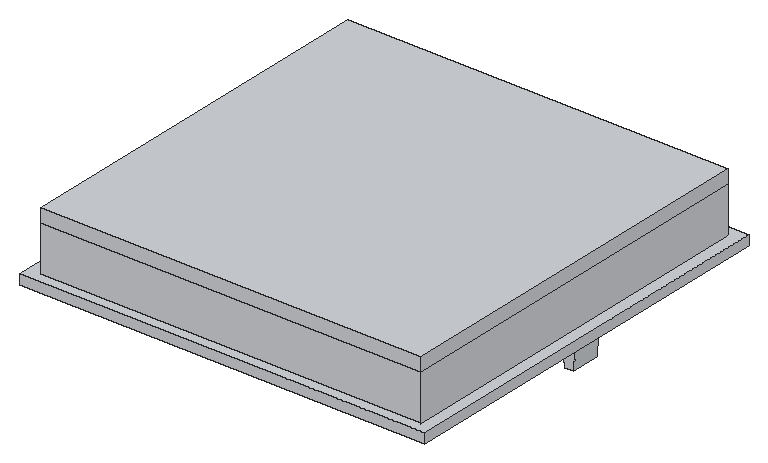
Revit family "Gira_029665", category Electrical Fixtures, host Face, Revit 2017
Family settings
  Host = Face
  Maintain Annotation Orientation = No
  Round Connector Dimension = Use Diameter
  Part Type = Normal
  Cut with Voids When Loaded = No
  Shared = No
  Room Calculation Point = No
Parameters (values of type "Wippe Gira TX_44 (WG UP) F Alu")
  Werkstoffgüte = "sonstige"
  Werkstoff = "Kunststoff"
  Verwendung = "Schalter/Taster"
  URL = "http://katalog.gira.de/de_DE/datenblatt.html?artikelnr=029665"
  Region = "DE"
  Oberfläche = "sonstige"
  Name = "Wippe Gira TX_44 (WG UP) F Alu"
  Mit austauschbarer Linse/Symbol = "No"
  Mit Beschriftungsfeld = "No"
  Manufacturer URL = "https://www.gira.de/"
  Kontrollfenster/Lichtauslass = "No"
  Keynote = "TX44_Abdeckung_Schalten und Tasten"
  HeinzeBIM = "https://bimportal.heinze.de/bim/wippe-gira-tx-44-wg-up-f-alu/741e4a9727098cb3e21934a5c6cb53ccefd2c7bf"
  Halogenfrei = "Yes"
  HAN = "029665"
  Geeignet für Schutzart (IP) = "IP44"
  Geeignet für Bussystem-Tasterankopplung = "Yes"
  GTIN = "4010337296652"
  Farbe = "aluminium"
  Default Elevation = 1219.2 mm
  Data sheet (1) = "https://katalog.gira.de/de_DE/download.html?artikelnr=029665"
  Category = "Abdeckung/Bedienelement für Installationsschalterprogramme"
  Befestigungsart = "Klemmbefestigung"
  Available = "Yes"
  Ausführung = "einteilige Wippe"
  Aufdruck/Kennzeichnung = "ohne Aufdruck"
  Abtastbares Symbol/barrierefrei = "No"
Reference planes
  plane 1 "Center (Front/Back)": y = 0
  plane 2: z = 0
  plane 3 "Center (Left/Right)": x = 0
Forms (mm)
  Extrusion 1, solid, detail levels fine
    sketch origin (0, 0, 0) x (1, 0, 0) y (0, 1, 0)
      loop
        line (34.85, 34.85) -> (-34.85, 34.85) -> (-34.85, -34.85) -> (34.85, -34.85) -> (34.85, 34.85)
      loop
        line (-31.45, 31.8) -> (-31.45, -31.8) -> (31.45, -31.8) -> (31.45, 31.8) -> (-31.45, 31.8)
    from 0 to 1.7
  Extrusion 2, solid, detail levels fine
    sketch origin (0, 0, 0) x (1, 0, 0) y (0, 1, 0)
      loop
        line (32.8, 33.05) -> (-32.8, 33.05) -> (-32.8, -33.05) -> (32.8, -33.05) -> (32.8, 33.05)
      loop
        line (-31.45, 31.8) -> (-31.45, -31.8) -> (31.45, -31.8) -> (31.45, 31.8) -> (-31.45, 31.8)
    from 1.566 to 9.515
  Extrusion 3, solid, detail levels fine
    sketch origin (0, 0, 0) x (1, 0, 0) y (0, 1, 0)
      loop
        line (32.8, 33.05) -> (-32.8, 33.05) -> (-32.8, -33.05) -> (32.8, -33.05) -> (32.8, 33.05)
    from 9.515 to 11.816
  Extrusion 4, solid, detail levels fine
    sketch origin (0, 0, 0) x (1, 0, 0) y (0, 0, 1)
      loop
        line (-32.815, 0) -> (-34.827, 0) -> (-34.611, -3.084) -> (-33.031, -3.084) -> (-32.815, 0)
      loop
        line (32.815, 0) -> (33.031, -3.084) -> (34.611, -3.084) -> (34.827, 0) -> (32.815, 0)
    from -2.513 to 2.5
  Extrusion 5, solid, detail levels fine
    sketch origin (0, 0, 0) x (1, 0, 0) y (0, 1, 0)
      loop
        spline (-23.686, 23.152) -> (-23.856, 23.114) -> (-24.022, 23.062) -> (-24.184, 22.995) -> (-24.338, 22.915) -> (-24.486, 22.821) -> (-24.624, 22.715) -> (-24.753, 22.597) -> (-24.87, 22.468) -> (-24.977, 22.33) -> (-25.07, 22.183) -> (-25.151, 22.028) -> (-25.218, 21.867)
        line (-25.218, 21.867) -> (-29.35, 10.513) -> (-29.35, -10.487) -> (-25.218, -21.841)
        spline (-25.218, -21.841) -> (-25.151, -22.002) -> (-25.07, -22.156) -> (-24.977, -22.304) -> (-24.87, -22.442) -> (-24.753, -22.571) -> (-24.624, -22.688) -> (-24.486, -22.795) -> (-24.338, -22.888) -> (-24.184, -22.969) -> (-24.022, -23.036) -> (-23.856, -23.088) -> (-23.686, -23.126)
        line (-23.686, -23.126) -> (0, -27.302) -> (23.686, -23.126)
        spline (23.686, -23.126) -> (23.856, -23.088) -> (24.022, -23.036) -> (24.184, -22.969) -> (24.338, -22.888) -> (24.486, -22.795) -> (24.624, -22.688) -> (24.753, -22.571) -> (24.87, -22.442) -> (24.977, -22.304) -> (25.07, -22.156) -> (25.151, -22.002) -> (25.218, -21.841)
        line (25.218, -21.841) -> (29.35, -10.487) -> (29.35, 10.513) -> (25.218, 21.867)
        spline (25.218, 21.867) -> (25.151, 22.028) -> (25.07, 22.183) -> (24.977, 22.33) -> (24.87, 22.468) -> (24.753, 22.597) -> (24.624, 22.715) -> (24.486, 22.821) -> (24.338, 22.915) -> (24.184, 22.995) -> (24.022, 23.062) -> (23.856, 23.114) -> (23.686, 23.152)
        line (23.686, 23.152) -> (0, 27.328) -> (-23.686, 23.152)
      loop
        line (-24.278, 21.525) -> (-28.35, 10.337) -> (-28.35, -10.311) -> (-24.278, -21.498)
        spline (-24.278, -21.498) -> (-24.245, -21.579) -> (-24.204, -21.656) -> (-24.157, -21.73) -> (-24.104, -21.799) -> (-24.045, -21.863) -> (-23.981, -21.922) -> (-23.912, -21.976) -> (-23.838, -22.022) -> (-23.761, -22.063) -> (-23.68, -22.096) -> (-23.597, -22.122) -> (-23.512, -22.141)
        line (-23.512, -22.141) -> (0, -26.287) -> (23.512, -22.141)
        spline (23.512, -22.141) -> (23.597, -22.122) -> (23.68, -22.096) -> (23.761, -22.063) -> (23.838, -22.022) -> (23.912, -21.976) -> (23.981, -21.922) -> (24.045, -21.863) -> (24.104, -21.799) -> (24.157, -21.73) -> (24.204, -21.656) -> (24.245, -21.579) -> (24.278, -21.498)
        line (24.278, -21.498) -> (28.35, -10.311) -> (28.35, 10.337) -> (24.278, 21.525)
        spline (24.278, 21.525) -> (24.245, 21.605) -> (24.204, 21.683) -> (24.157, 21.756) -> (24.104, 21.825) -> (24.045, 21.89) -> (23.981, 21.949) -> (23.912, 22.002) -> (23.838, 22.048) -> (23.761, 22.089) -> (23.68, 22.122) -> (23.597, 22.148) -> (23.512, 22.167)
        line (23.512, 22.167) -> (0, 26.313) -> (-23.512, 22.167)
        spline (-23.512, 22.167) -> (-23.597, 22.148) -> (-23.68, 22.122) -> (-23.761, 22.089) -> (-23.838, 22.048) -> (-23.912, 22.002) -> (-23.981, 21.949) -> (-24.045, 21.89) -> (-24.104, 21.825) -> (-24.157, 21.756) -> (-24.204, 21.683) -> (-24.245, 21.605) -> (-24.278, 21.525)
    from 4.866 to 9.515
  Extrusion 6, solid, detail levels fine
    sketch origin (0, 0, 0) x (1, 0, 0) y (0, 1, 0)
      loop
        arc (0, 8.51) -> (-1.055, 8.223) -> (-1.717, 7.352) r 1.7
        line (-1.717, 7.352) -> (-2.205, 5.894) -> (-2.205, 4.213) -> (-4.36, 4.213)
        arc (-4.36, 4.213) -> (-4.865, 4.091) -> (-5.257, 3.75) r 1.1
        arc (-5.257, 3.75) -> (-6.02, 2.328) -> (-6.406, 0.761) r 6.45
        arc (-6.406, 0.761) -> (-6.7, 0.013) -> (-6.406, -0.735) r 1.1
        arc (-6.406, -0.735) -> (-6.02, -2.302) -> (-5.257, -3.724) r 6.45
        arc (-5.257, -3.724) -> (-4.865, -4.064) -> (-4.36, -4.187) r 1.1
        line (-4.36, -4.187) -> (-2.1, -4.187) -> (-2.1, -5.243)
        arc (-2.1, -5.243) -> (-1.847, -5.944) -> (-1.206, -6.323) r 1.1
        arc (-1.206, -6.323) -> (0, -6.437) -> (1.206, -6.323) r 6.45
        arc (1.206, -6.323) -> (1.847, -5.944) -> (2.1, -5.243) r 1.1
        line (2.1, -5.243) -> (2.1, -4.187) -> (4.36, -4.187)
        arc (4.36, -4.187) -> (4.865, -4.064) -> (5.257, -3.724) r 1.1
        arc (5.257, -3.724) -> (6.02, -2.302) -> (6.406, -0.735) r 6.45
        arc (6.406, -0.735) -> (6.7, 0.013) -> (6.406, 0.761) r 1.1
        arc (6.406, 0.761) -> (6.02, 2.328) -> (5.257, 3.75) r 6.45
        arc (5.257, 3.75) -> (4.865, 4.091) -> (4.36, 4.213) r 1.1
        line (4.36, 4.213) -> (2.205, 4.213) -> (2.205, 5.894) -> (1.717, 7.352)
        arc (1.717, 7.352) -> (1.055, 8.223) -> (0, 8.51) r 1.7
    from -6.834 to 9.515
  Extrusion 7, solid, detail levels coarse
    sketch origin (0, 0, 0) x (1, 0, 0) y (0, 1, 0)
      loop
        line (34.85, 34.85) -> (-34.85, 34.85) -> (-34.85, -34.85) -> (34.85, -34.85) -> (34.85, 34.85)
    from -6.834 to 11.816
  Extrusion 8, solid, detail levels medium
    sketch origin (0, 0, 0) x (1, 0, 0) y (0, 1, 0)
      loop
        line (32.8, 33.05) -> (-32.8, 33.05) -> (-32.8, -33.05) -> (32.8, -33.05) -> (32.8, 33.05)
    from 1.566 to 11.816
  Extrusion 9, solid, detail levels medium
    sketch origin (0, 0, 0) x (1, 0, 0) y (0, 1, 0)
      loop
        line (34.85, 34.85) -> (-34.85, 34.85) -> (-34.85, -34.85) -> (34.85, -34.85) -> (34.85, 34.85)
    from 0 to 1.7
  Extrusion 10, solid, detail levels medium
    sketch origin (0, 0, 0) x (1, 0, 0) y (0, 1, 0)
      loop
        circle (0, 1.036) r 7.473
    from -6.834 to 9.515
  Extrusion 11, solid, detail levels medium
    sketch origin (0, 0, 0) x (1, 0, 0) y (0, 0, 1)
      loop
        line (-32.815, -3.084) -> (-32.815, 0) -> (-34.827, 0) -> (-34.827, -3.084) -> (-32.815, -3.084)
      loop
        line (32.815, -3.084) -> (34.827, -3.084) -> (34.827, 0) -> (32.815, 0) -> (32.815, -3.084)
    from -2.513 to 2.5
Dimensions and locks
  aligned and locked: plane 2 to host face
  aligned and locked: level to host face
